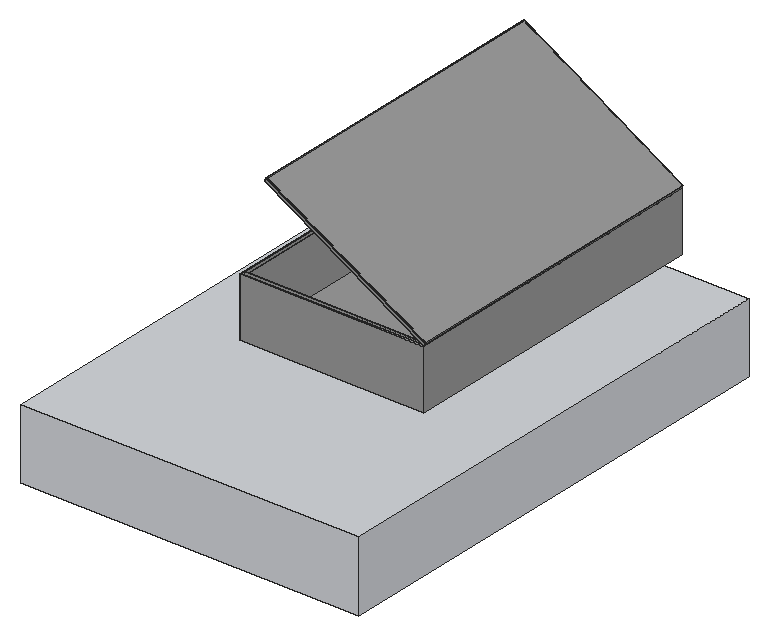
Revit family "Hager-Univers-IP55-D275-H1400-Cl.II-Steel_encl-DE-de", category Equipement électrique, Revit 2020
Family settings
  Hôte = Face
  Configuration du panneau = Deux colonnes, circuits au sein
  Cote de connecteur circulaire = Utiliser le diamètre
  Type d'élément = Tableau de raccordement
  Couper avec des vides une fois chargée = Non
  Partagée = Non
  Point de calcul de pièce = Non
Parameters (values of type "Aufputz IP55 B800 H1400 T275  - FR93S")
  Width Control [instance] = if([EF000008 - Breite] > Min Width, [EF000008 - Breite], Min Width)  # 800 mm
  Commentaires du type = [HG000003 - Bereich]  # "Univers"
  Thickness Door [instance] = if([EF009171 - Materialstärke Tür/Deckel] > 3 mm, 3 mm, [EF009171 - Materialstärke Tür/Deckel])  # 1.5 mm
  Seal Frame Offset [instance] = 17 mm  # constant formula
  Plinth Visibility [instance] = [HG000027 - Sockelhöhe] > 0 mm  # no
  Model = ""
  Min Width [instance] = 100 mm  # constant formula
  Min Height [instance] = 100 mm  # constant formula
  Min Depth [instance] = (2 * [EF009170 - Materialstärke Gehäuse]) + 1 mm  # 4 mm
  Internal Frame Depth [instance] = (Door System Depth * 0.5)  # 9 mm
  Height Control [instance] = if([EF000040 - Höhe] > Min Height, [EF000040 - Höhe], Min Height)  # 1400 mm
  HG000027 - Sockelhöhe = 0 mm
  HG000026 - Stehend auf dem Boden = no
  HG000024 - Höhe des unteren Teils = 800 mm
  HG000023 - Gehäuse mit doppeltem Querschnitt = no
  HG000016 - 3D-Türsichtbarkeit [instance] = yes
  HG000015 - Sichtbarkeit der Türöffnung [instance] = no
  HG000014 - Tür rechts [instance] = yes
  HG000013 - Tür links [instance] = not([HG000014 - Tür rechts])  # no
  HG000012 - Türschwenkwinkel [instance] = 30.00°
  HG000010 - Asymmetrische Türen = no
  HG000009 - Doppelflügeligen Tür = no
  HG000006 - Unterputz = no
  HG000004 - Herstellerreferenz = "FR93S"
  HG000003 - Bereich = "Univers"
  HG000002 - Mit tür = yes
  Frame Offset Bottom [instance] = 10 mm  # constant formula
  Frame Offset [instance] = 15 mm  # constant formula
  EF015940 - Deckel mit Überdruckentlastung = no
  EF011959 - Schutzart (NEMA) = ""
  EF009554 - Anzahl der Öffnungen für Flanschplatten = 6
  Fabricant = "Hager"  # constant formula
  EF009212 - Ausführung Deckel = "EV000116 - geschlossen"
  EF009171 - Materialstärke Tür/Deckel = 1.5 mm
  EF009170 - Materialstärke Gehäuse = 1.5 mm
  EF008873 - Nennstrom (In) = 800 A
  EF007800 - Geeignet für Blitzschutz = no
  EF006306 - Mit Schloss = no
  EF006244 - Transparenter Deckel/Tür = no
  EF005474 - Schutzart (IP) = "EV006420 - IP55"
  EF004464 - Art der Tür = "EV002646 - Einzel"
  EF004427 - Anzahl der Module = 324
  EF004293 - Schlagfestigkeit = "EV008784 - IK10"
  EF003532 - Geeignet für Außengebrauch = no
  EF002950 - Breite in Teilungseinheiten = 24
  EF001613 - Funktionserhalt = "EV000494 - ohne"
  EF001596 - Werkstoff des Gehäuses = "EV000179 - Stahl"
  EF001131 - Innentiefe = 275 mm
  EF001088 - Anbaumöglichkeit = yes
  EF000437 - Anzahl der Leitungseinführungen = 6
  EF000339 - Art der Abdeckung = "EV004216 - Tür"
  EF000266 - Anzahl der Reihen = 9
  EF000218 - Einbautiefe = 0 mm
  EF000118 - Mit Montageplatte = no
  EF000116 - RAL-Nummer = "7035"
  EF000049 - Tiefe = 275 mm
  EF000040 - Höhe = 1400 mm
  EF000008 - Breite = 800 mm
  EF000007 - Farbe = "EV000270 - grau"
  EF000003 - Montageart = "EV000384 - Aufputz"
  Door System Leaf Tolerance [instance] = 1.5 mm  # constant formula
  Door System Depth [instance] = 18 mm  # constant formula
  Door Height [instance] = Height Control - [HG000027 - Sockelhöhe]  # 1400 mm
  Depth Control [instance] = if([EF000049 - Tiefe] > Min Depth, [EF000049 - Tiefe], Min Depth)  # 275 mm
  Default Elevation = 0 mm
  Connector Offset [instance] = Height Control / 2  # 700 mm
  Bottom Top Plate Trim [instance] = 1.5 mm  # constant formula
  Plinth height Ctrl [instance] = if([HG000027 - Sockelhöhe] > 0 mm, [HG000027 - Sockelhöhe], 12 mm)  # 12 mm
Types (5, lengths in mm): name | Width Control | HG000010 - Asymmetrische Türen | HG000009 - Doppelflügeligen Tür | HG000004 - Herstellerreferenz | EF009554 - Anzahl der Öffnungen für Flanschplatten | EF004464 - Art der Tür | EF004427 - Anzahl der Module | EF000437 - Anzahl der Leitungseinführungen | EF000008 - Breite
  Aufputz IP55 B1050 H1400 T275  - FR94S | 1050 | no | yes | "FR94S" | 8 | "EV003602 - Doppel" | 432 | 8 | 1050
  Aufputz IP55 B1300 H1400 T275  - FR95S | 1300 | yes | yes | "FR95S" | 10 | "EV003602 - Doppel" | 540 | 10 | 1300
  Aufputz IP55 B300 H1400 T275  - FR91S | 300 | no | no | "FR91S" | 2 | "EV002646 - Einzel" | 108 | 2 | 300
  Aufputz IP55 B550 H1400 T275  - FR92S | 550 | no | no | "FR92S" | 4 | "EV002646 - Einzel" | 216 | 4 | 550
  Aufputz IP55 B800 H1400 T275  - FR93S | 800 | no | no | "FR93S" | 6 | "EV002646 - Einzel" | 324 | 6 | 800
Reference planes
  plane 1 "Center (Front/Back)": y = 0
  plane 2: z = 0
  plane 3 "Center (Left/Right)": x = 0
  plane 4: z = 275
  plane 5: y = 1.5
  plane 6: y = 700
  plane 7: y = 0
  plane 8: y = 1400
  plane 9: z = 0
  plane 10: x = -385
  plane 11: x = 385
  plane 12: x = 383.5
  plane 13: x = -383.5
  plane 14: y = 1398.5
  plane 15: x = -383
  plane 16: x = -400
  plane 17: x = 383
  plane 18: x = 400
  plane 19: x = 398.5
  plane 20: x = -398.5
  plane 21: y = 11.5
  plane 22: y = 1400
  plane 23: y = 1383.5
  plane 24: z = 257
  plane 25: z = 1.5
  plane 26: z = 255.5
  plane 27: z = 273.5
Forms (mm)
  Extrusion 1, solid
    sketch origin (0, 0, 0) x (1, 0, 0) y (0, 1, 0)
      loop
        line (-702.964, 1305) -> (-702.964, -811.445) -> (766.763, -811.445) -> (766.763, 1305) -> (-702.964, 1305)
    from 0 to -304.8
  Extrusion 2, solid, material "Hager_Steel_RAL7035_Light_Grey", visible <- "Plinth Visibility", detail levels medium+fine
    sketch origin (0, 0, 0) x (1, 0, 0) y (0, 1, 0)
      loop
        line (-400, 0) -> (400, 0) -> (400, 12) -> (-400, 12) -> (-400, 0)
    from 0 to 257
  Extrusion 3, solid, material "Hager_Steel_RAL7035_Light_Grey", detail levels medium+fine
    sketch origin (0, 0, 0) x (1, 0, 0) y (0, 1, 0)
      loop
        line (-400, 0) -> (400, 0) -> (400, 1400) -> (-400, 1400) -> (-400, 0)
    from 0 to 257
  Extrusion 4, void
    sketch origin (0, 0, 0) x (1, 0, 0) y (0, 1, 0)
      loop
        line (-398.5, 1.5) -> (398.5, 1.5) -> (398.5, 1398.5) -> (-398.5, 1398.5) -> (-398.5, 1.5)
    from 1.5 to 255.5
  Extrusion 5, void
    sketch origin (-381.607, -4572, 257) x (0, -1, 0) y (-1, 0, 0)
      loop
        line (-4583.5, 1.893) -> (-5955.5, 1.893) -> (-5955.5, -765.107) -> (-4583.5, -765.107) -> (-4583.5, 1.893)
    from 0 to 1.5 <- "EF009170 - Materialstärke Gehäuse"
  Extrusion 6, solid, material "Hager_Steel_RAL7035_Light_Grey", detail levels fine
    sketch origin (0, 0, 257) x (1, 0, 0) y (0, 1, 0)
      loop
        line (-383.5, 1383.5) -> (-383.5, 11.5) -> (383.5, 11.5) -> (383.5, 1383.5) -> (-383.5, 1383.5)
      loop
        line (-385, 10) -> (385, 10) -> (385, 1385) -> (-385, 1385) -> (-385, 10)
    from 0 to 9 <- "Internal Frame Depth"
  Extrusion 7, solid, material "Hager_Steel_RAL7035_Light_Grey", detail levels coarse
    sketch origin (0, 0, 0) x (1, 0, 0) y (0, 1, 0)
      loop
        line (-400, 0) -> (400, 0) -> (400, 1400) -> (-400, 1400) -> (-400, 0)
    from 0 to 275
  Sweep 8, void
    path in 3D
      loop
        line (-400, 12, 0) -> (400, 12, 0) -> (400, 12, 257) -> (-400, 12, 257) -> (-400, 12, 0)
    profile origin (-400, 12, 128.5) x (-1, 0, 0) y (0, -1, 0)
      loop
        line (0, 0) -> (0, 1.5) -> (-1.5, 1.5)
        arc (-1.5, 1.5) -> (-1.061, 0.439) -> (0, 0) r 1.5
Cuts and joins
  Extrusion 4, Extrusion 5 cuts Extrusion 3
  Sweep 8 cuts Extrusion 2
Lines and regions (mm)
  Masking region 1
    outline origin (0, 0, 0) x (1, 0, 0) y (0, 0, 1)
      loop
        line (-400, 275) -> (-400, 0) -> (400, 0) -> (400, 275) -> (-400, 275)
  Masking region 2, detail levels medium+fine
    outline origin (0, 140, 0) x (0, 1, 0) y (0, 0, 1)
      loop
        line (-140, 0) -> (1260, 0) -> (1260, 257) -> (-140, 257) -> (-140, 0)
  Masking region 3, not visible, detail levels medium+fine
    outline origin (0, 297.922, 0) x (0, 1, 0) y (0, 0, 1)
      loop
        line (413.578, 0) -> (453.578, 0) -> (453.578, 263.5)
        arc (453.578, 263.5) -> (450.649, 270.571) -> (443.578, 273.5) r 10
        line (443.578, 273.5) -> (413.578, 273.5) -> (413.578, 0)
  Masking region 4, detail levels coarse
    outline origin (0, 0, 180) x (0, 1, 0) y (0, 0, 1)
      loop
        line (0, -180) -> (1400, -180) -> (1400, 95) -> (0, 95) -> (0, -180)
  Masking region 5, visible <- "Plinth Visibility", detail levels medium+fine
    outline origin (0, 52.24, 12.345) x (0, 0, -1) y (0, 1, 0)
      loop
        line (10.845, -40.24) -> (-243.155, -40.24)
        arc (-243.155, -40.24) -> (-243.594, -41.301) -> (-244.655, -41.74) r 1.5
        line (-244.655, -41.74) -> (-244.655, -52.24) -> (12.345, -52.24) -> (12.345, -41.74)
        arc (12.345, -41.74) -> (11.285, -41.301) -> (10.845, -40.24) r 1.5
  Masking region 6, detail levels medium+fine
    outline origin (-381.607, -4572, 257) x (-1, 0, 0) y (0, -1, 0)
      loop
        line (18.393, -5972) -> (18.393, -4572) -> (-781.607, -4572) -> (-781.607, -5972) -> (18.393, -5972)
  Masking region 7, visible <- "Plinth Visibility", detail levels medium+fine
    outline origin (-381.607, -4727, 257) x (-1, 0, 0) y (0, -1, 0)
      loop
        arc (16.893, -4739) -> (17.332, -4737.939) -> (18.393, -4737.5) r 1.5
        line (18.393, -4737.5) -> (18.393, -4727) -> (-781.607, -4727) -> (-781.607, -4737.5)
        arc (-781.607, -4737.5) -> (-780.546, -4737.939) -> (-780.107, -4739) r 1.5
        line (-780.107, -4739) -> (16.893, -4739)
  Masking region 8, detail levels coarse
    outline origin (-442.548, -4669.526, 257) x (-1, 0, 0) y (0, -1, 0)
      loop
        line (-42.548, -6069.526) -> (-42.548, -4669.526) -> (-842.548, -4669.526) -> (-842.548, -6069.526) -> (-42.548, -6069.526)
  sketch lines
    curve 1: line (-400, 12, 257) -> (-400, 12, 0)
    curve 2: line (400, 12, 257) -> (-400, 12, 257)
    curve 3: line (400, 12, 257) -> (400, 12, 0)
    curve 4: line (-400, 12, 0) -> (400, 12, 0)
Dimensions and locks
  "Depth Control": plane 4 to Extrusion 1
  "HG000027 - Sockelhöhe": plane 1 "Center (Front/Back)" to plane 7
  "EF009170 - Materialstärke Gehäuse": plane 5 to plane 7
  locked: connector elem to plane 3 "Center (Left/Right)"
  equal spacing: plane 8, plane 6, plane 7
  locked: connector elem to plane 6
  "EF009170 - Materialstärke Gehäuse": plane 8 to plane 14
  "EF009170 - Materialstärke Gehäuse": plane 10 to plane 13
  "EF009170 - Materialstärke Gehäuse": plane 12 to plane 11
  "Frame Offset": plane 20 to plane 13
  "Frame Offset": plane 12 to plane 19
  "EF009170 - Materialstärke Gehäuse": plane 16 to plane 20
  "EF009170 - Materialstärke Gehäuse": plane 19 to plane 18
  "Seal Frame Offset": plane 16 to plane 15
  "Seal Frame Offset": plane 17 to plane 18
  "Frame Offset Bottom": plane 21 to plane 5
  "Frame Offset": plane 14 to plane 23
  equal spacing: plane 16, plane 3 "Center (Left/Right)", plane 18
  "Width Control": plane 16 to plane 18
  "EF009170 - Materialstärke Gehäuse": plane 4 to plane 27
  "EF009170 - Materialstärke Gehäuse": plane 24 to plane 26
  "EF009170 - Materialstärke Gehäuse": plane 25 to level
  "Door System Depth": plane 4 to plane 24
  "Height Control": plane 1 "Center (Front/Back)" to Extrusion 7 sketch curve
  "Height Control": Masking region 4 sketch curve to plane 1 "Center (Front/Back)"
  "Height Control": plane 1 "Center (Front/Back)" to plane 22
  "Bottom Top Plate Trim": profile plane to Sweep 8 sketch curve
  "Bottom Top Plate Trim": Sweep 8 sketch curve to profile plane
  "Plinth height Ctrl": plane 1 "Center (Front/Back)" to Extrusion 2 sketch curve
  "Plinth height Ctrl": Masking region 5 sketch curve to plane 1 "Center (Front/Back)"
  "Plinth height Ctrl": plane 1 "Center (Front/Back)" to Masking region 7 sketch curve
  "Thickness Door": Extrusion 6 sketch curve to Extrusion 6 sketch curve  (x3)
  "Thickness Door": cut or joined group of Extrusion 3, Extrusion 4, Extrusion 5 to Extrusion 6 sketch curve
  radius of Masking region 3 sketch curve = 10 mm
  "Bottom Top Plate Trim": radius of Masking region 5 sketch curve  (x2)
  "Bottom Top Plate Trim": radius of Sweep 8 sketch curve
  "Bottom Top Plate Trim": radius of Masking region 7 sketch curve  (x2)
  aligned and locked: plane 2 to Extrusion 1
  aligned and locked: level to Extrusion 1
  aligned and locked: level to Masking region 1 sketch curve
  aligned and locked: Masking region 1 sketch curve to plane 18
  aligned and locked: Masking region 1 sketch curve to plane 16
  aligned and locked: plane 7 to Masking region 2 sketch curve
  aligned and locked: level to Masking region 3 sketch curve
  aligned and locked: Masking region 3 sketch curve to plane 27
  aligned and locked: level to Masking region 2 sketch curve
  aligned and locked: plane 1 "Center (Front/Back)" to Extrusion 2 sketch curve
  aligned and locked: Extrusion 3 sketch curve to plane 7
  aligned and locked: plane 16 to Extrusion 3 sketch curve
  aligned and locked: plane 18 to Extrusion 3 sketch curve
  aligned and locked: plane 20 to Extrusion 4 sketch curve
  aligned and locked: plane 19 to Extrusion 4 sketch curve
  aligned and locked: Extrusion 4 sketch curve to plane 5
  aligned and locked: Extrusion 4 to plane 25
  aligned and locked: plane 26 to Extrusion 4
  aligned and locked: plane 24 to Extrusion 3
  aligned and locked: Extrusion 5 sketch curve to plane 21
  aligned and locked: Extrusion 5 sketch curve to plane 13
  aligned and locked: Extrusion 5 sketch curve to plane 12
  aligned and locked: plane 18 to Extrusion 7 sketch curve
  aligned and locked: plane 1 "Center (Front/Back)" to Extrusion 7 sketch curve
  aligned and locked: plane 16 to Extrusion 7 sketch curve
  aligned and locked: plane 4 to Extrusion 7
  aligned and locked: Extrusion 7 to level
  aligned and locked: level to Masking region 4 sketch curve
  aligned and locked: Masking region 4 sketch curve to plane 1 "Center (Front/Back)"
  aligned and locked: Masking region 4 sketch curve to plane 4
  aligned and locked: nested 1 to level
  aligned and locked: nested 1 to plane 16
  aligned and locked: plane 8 to Extrusion 3 sketch curve
  aligned and locked: plane 23 to Extrusion 5 sketch curve
  aligned and locked: plane 14 to Extrusion 4 sketch curve
  aligned and locked: Masking region 2 sketch curve to plane 8
  aligned and locked: level to Masking region 5 sketch curve
  aligned and locked: plane 16 to Extrusion 2 sketch curve
  aligned and locked: plane 18 to Extrusion 2 sketch curve
  aligned and locked: Masking region 5 sketch curve to plane 24
  aligned and locked: Masking region 2 sketch curve to plane 24
  aligned and locked: plane 24 to Extrusion 2
  aligned and locked: profile plane to Sweep 8 sketch curve  (x2)
  aligned and locked: Masking region 6 sketch curve to plane 18
  aligned and locked: Masking region 6 sketch curve to plane 22
  aligned and locked: Masking region 6 sketch curve to plane 16
  aligned and locked: plane 8 to plane 22
  aligned and locked: Masking region 6 sketch curve to plane 7
  aligned and locked: Masking region 7 sketch curve to plane 16
  aligned and locked: Masking region 7 sketch curve to plane 1 "Center (Front/Back)"
  aligned and locked: Masking region 7 sketch curve to plane 18
  aligned and locked: Masking region 8 sketch curve to plane 1 "Center (Front/Back)"
  aligned and locked: Masking region 8 sketch curve to plane 18
  aligned and locked: Masking region 8 sketch curve to plane 22
  aligned and locked: Masking region 8 sketch curve to plane 16
  aligned and locked: nested 2 to plane 7
  aligned and locked: plane 3 "Center (Left/Right)" to nested 2
  aligned and locked: nested 2 to plane 24
  aligned and locked: Extrusion 6 sketch curve to cut or joined group of Extrusion 3, Extrusion 4, Extrusion 5  (x4)
Automatic sketch dimensions
  Extrusion 1 sketch curve to Extrusion 1 sketch curve = 1469.727 mm
  Extrusion 1 sketch curve to Extrusion 1 sketch curve = 2116.445 mm
  Masking region 1 sketch curve to plane 4 = 0 mm
  plane 6 to Masking region 3 sketch curve = 11.5 mm
  Masking region 3 sketch curve to Masking region 3 sketch curve = 30 mm
  Masking region 5 sketch curve to plane 1 "Center (Front/Back)" = 0 mm
Nested families
  nested 1: "Hager_Enclosure_Symbol" at (-400, 0, 0) x (1, 0, 0) z (0, -1, 0), Height <- "Depth Control", Width <- "Width Control", type "Hager_Enclosure_Symbol"
    with Width_Ctrl 800 mm, Width 800 mm, Height_Ctrl 275 mm, Height 275 mm, A_Width_Int 18.047 mm, A_Width 216.562 mm, A_Height_Ctrl 240.625 mm, A_Height 240.625 mm
  nested 2: "EC000058_Univers_Door" at (0, 0, 257) x (1, 0, 0) z (0, 1, 0), Leaf_Tolerance <- "Door System Leaf Tolerance", Angle <- "HG000012 - Türschwenkwinkel", Door_Depth <- "Door System Depth", Door_Left <- "HG000013 - Tür links", Transparent <- "EF006244 - Transparenter Deckel/Tür", Assymetrical <- "HG000010 - Asymmetrische Türen", Width <- "Width Control", Clearance <- "HG000015 - Sichtbarkeit der Türöffnung", Double <- "HG000009 - Doppelflügeligen Tür", 3d_Door <- "HG000016 - 3D-Türsichtbarkeit", Lock_Visibility <- "EF006306 - Mit Schloss", Width_Ctrl <- "Width Control", Door_Right <- "HG000014 - Tür rechts", Door <- "HG000002 - Mit tür", Height <- "Door Height", Thickness <- "Thickness Door", type "EC000058_Univers_Door", detail levels medium+fine
    with min_wh 4 mm, Width_Ctrl 800 mm, Width 800 mm, Transparent no, Thickness 1.5 mm, Seal_Material Hager_Rubber, Lock_Visibility no, Lock_Material Hager_Plastic_RAL9005_Jet_Black, Leaf_Width 800 mm, Leaf_Tolerance_External_Sides 0 mm, Leaf_Tolerance 1.5 mm, Leaf_Offset 0 mm, Leaf_Height 1397 mm, Leaf_2_Width 800 mm, Leaf_2_Offset 400 mm, Leaf_1_Width 800 mm, Leaf_1_Offset 400 mm, Height_Ctrl 1400 mm, Height 1400 mm, Glass_Material Hager_Glass, Double_Clearance_Ctrl no, Double no, Door_Right_Ctrl yes, Door_Right yes, Door_Material Hager_Steel_RAL7035_Light_Grey, Door_Left_Ctrl no, Door_Left no, Door_Depth 18 mm, Door yes, Clearance_Material Hager_Clearance, Clearance_Depth 800 mm, Clearance_Ctrl no, Clearance no, Assymetrical no, Angle 30.00°, 3d_Door yes
Connectors
  electrical at (0, 700, 0)
    settings: on plane 9, index 1, voltage 0 V, apparent load 0 VA, apparent load phase1 0 VA, apparent load phase2 0 VA, apparent load phase3 0 VA, power factor 1, load classification "Other", number of poles 1, system type 30, power factor state 1, is connector primary yes, connector utility no, sub classification motor no, connector description ""
Definition of nested family "EC000058_Univers_Door"
  Parameters (values of type "EC000058_Univers_Door")
    min_wh [instance] = (2 * Thickness) + 1 mm  # 11 mm
    Width_Ctrl [instance] = 400 mm
    Width [instance] = 500 mm
    Transparent [instance] = yes
    Thickness [instance] = 5 mm
    Seal_Material [instance] = none
    Lock_Visibility [instance] = yes
    Lock_Material [instance] = none
    Leaf_Width [instance] = if((Width_Ctrl - 2 * Leaf_Tolerance_External_Sides) > 0 mm, (Width_Ctrl - 2 * Leaf_Tolerance_External_Sides), min_wh)  # 400 mm
    Leaf_Tolerance_External_Sides [instance] = 0 mm  # constant formula
    Leaf_Tolerance [instance] = 1.5 mm
    Leaf_Offset [instance] = 0 mm  # constant formula
    Leaf_Height [instance] = if((Height_Ctrl - 2 * Leaf_Tolerance) > 0 mm, (Height_Ctrl - 2 * Leaf_Tolerance), min_wh)  # 497 mm
    Leaf_2_Width [instance] = if(and(and(Double, Assymetrical), Door_Left), (Leaf_Width / 3) - (Leaf_Tolerance / 2), if(and(and(Double, Assymetrical), Door_Right), (Leaf_Width / 3) * 2 - (Leaf_Tolerance / 2), if(and(Double, not(Assymetrical)), (Leaf_Width / 2) - Leaf_Tolerance, Leaf_Width)))  # 400 mm
    Leaf_2_Offset [instance] = if(and(Double, Assymetrical), Leaf_2_Width / 2, if(and(Double, not(Assymetrical)), Leaf_Width / 4, Leaf_Width / 2))  # 200 mm
    Leaf_1_Width [instance] = if(and(and(Double, Assymetrical), Door_Right), (Leaf_Width / 3) - (Leaf_Tolerance / 2), if(and(and(Double, Assymetrical), Door_Left), (Width / 3) * 2 - (Leaf_Tolerance / 2), if(and(Double, not(Assymetrical)), (Leaf_Width / 2) - Leaf_Tolerance, Leaf_Width)))  # 400 mm
    Leaf_1_Offset [instance] = if(and(Double, Assymetrical), Leaf_1_Width / 2, if(and(Double, not(Assymetrical)), Leaf_Width / 4, Leaf_Width / 2))  # 200 mm
    Height_Ctrl [instance] = if(Height > min_wh, Height, min_wh)  # 500 mm
    Height [instance] = 500 mm
    Glass_Material [instance] = none
    Double_Clearance_Ctrl [instance] = and(Double, Clearance)  # no
    Double [instance] = no
    Door_Right_Ctrl [instance] = and(or(Door_Right, Double), Door)  # yes
    Door_Right [instance] = yes
    Door_Material [instance] = none
    Door_Left_Ctrl [instance] = and(or(Door_Left, Double), Door)  # no
    Door_Left [instance] = no
    Door_Depth [instance] = 30 mm
    Door [instance] = yes
    Default Elevation = 1219.2 mm
    Clearance_Material [instance] = none
    Clearance_Depth [instance] = if(Leaf_1_Width > Leaf_2_Width, Leaf_1_Width, Leaf_2_Width)  # 400 mm
    Clearance_Ctrl [instance] = and(not(Double), Clearance)  # yes
    Clearance [instance] = yes
    Assymetrical [instance] = yes
    Angle [instance] = 30.00°
    3d_Door [instance] = yes
  Reference planes
    plane 1 "Center (Front/Back)": y = 0
    plane 2 "Bottom": z = 0
    plane 3 "Center (Left/Right)": x = 0
    plane 4: z = 500
    plane 5: x = -200
    plane 6: x = 200
    plane 7: z = 500
    plane 8: x = -200
    plane 9: z = 0
    plane 10: x = 200
    plane 11: y = 0
    plane 12: z = 1.5
    plane 13: x = -600
    plane 14: y = -400
    plane 15: x = 600
    plane 16: x = 0
    plane 17: x = 0
    plane 18: x = -200
    plane 19: x = 200
    plane 20: z = 498.5
  Forms (mm)
    Extrusion 1, solid, material <- "Clearance_Material", visible <- "Double_Clearance_Ctrl"
      sketch origin (1200, 0, 0) x (1, 0, 0) y (0, 0, -1)
        loop
          line (-1800, -498.5) -> (-600, -498.5) -> (-600, 0) -> (-1800, 0) -> (-1800, -498.5)
      from 0 to -400
  Dimensions and locks
    equal spacing: plane 5, plane 3 "Center (Left/Right)", plane 6
    "Width_Ctrl": plane 5 to plane 6
    "Leaf_Offset": plane 5 to plane 8
    "Leaf_Offset": plane 6 to plane 10
    "Leaf_Offset": plane 9 to level
    "Leaf_Offset": plane 4 to plane 7
    "Height_Ctrl": plane 4 to level
    "Leaf_Tolerance": plane 12 to plane 9
    locked: plane 11 to plane 1 "Center (Front/Back)"
    "Leaf_1_Offset": plane 18 to plane 16
    "Leaf_2_Offset": plane 17 to plane 19
    "Leaf_1_Width": plane 13 to plane 8
    "Leaf_2_Width": plane 10 to plane 15
    "Clearance_Depth": plane 14 to plane 1 "Center (Front/Back)"
    "Leaf_Tolerance_External_Sides": plane 8 to plane 18
    "Leaf_Tolerance_External_Sides": plane 19 to plane 10
    "Leaf_Tolerance": plane 7 to plane 20
    aligned and locked: level to plane 2 "Bottom"
    aligned and locked: nested 1 to plane 16
    aligned and locked: nested 2 to plane 17
    aligned and locked: Extrusion 1 to plane 13
    aligned and locked: plane 15 to Extrusion 1
    aligned and locked: Extrusion 1 to plane 14
    aligned and locked: plane 12 to nested 1
    aligned and locked: nested 2 to plane 12
    aligned and locked: Extrusion 1 to plane 11
    aligned and locked: plane 20 to Extrusion 1
    aligned and locked: nested 2 to plane 11
    aligned and locked: nested 1 to plane 11
  Automatic sketch dimensions
    Extrusion 1 sketch curve to level = 0 mm
    plane 5 to Extrusion 1 sketch curve = 400 mm
    plane 6 to Extrusion 1 sketch curve = 400 mm
    Extrusion 1 sketch curve to plane 4 = 1.5 mm
  Nested families
    nested 1: "EC000058_Univers_Door_Leaf" at (0, 0, 1.5), Width <- "Leaf_1_Width", visible <- "Door_Left_Ctrl", Leaf_Height <- "Leaf_Height", Angle <- "Angle", 3d_Door <- "3d_Door", Transparent <- "Transparent", Clearance Material <- "Clearance_Material", Clearance <- "Clearance_Ctrl", Door_Material <- "Door_Material", Glass_Material <- "Glass_Material", Door_Depth <- "Door_Depth", Lock_Material <- "Lock_Material", Seal_Material <- "Seal_Material", Lock_Visibility <- "Lock_Visibility", Thickness <- "Thickness", type "EC000058_Univers_Door_Leaf"
      with Width 400 mm, Transparent_Glass_Offset 30 mm, Transparent_Ctrl yes, Transparent yes, Thickness 5 mm, Standard no, Seal_Material none, Seal_D2 8 mm, Seal_D1 1 mm, Offset_Internal_Frame 10 mm, Lock_Width 20 mm, Lock_Visibility_3d yes, Lock_Visibility yes, Lock_Thickness_3 3 mm, Lock_Thickness_2 1 mm, Lock_Thickness_1 3 mm, Lock_Radius_Offset_2 16 mm, Lock_Radius_Offset_1 15 mm, Lock_Radius_2 5 mm, Lock_Radius 6 mm, Lock_Offset 5 mm, Lock_Material none, Lock_Height 80 mm, Lock_Cover_Top_Offset_2d 17 mm, Lock_Cover_Height -65 mm, Leaf_Height 497 mm, Internal_Seal_Thickness 8 mm, Internal_Seal_Depth_2 4.5 mm, Internal_Frame_Depth 25 mm, Glass_Thickness -1 mm, Glass_Offset -2 mm, Glass_Material none, Door_Material none, Door_Depth 30 mm, Clearance Material none, Clearance yes, Angle_Ctrl 30.00°, Angle 30.00°, 3d_Door yes
    nested 2: "EC000058_Univers_Door_Leaf" at (0, 0, 1.5) x (-1, 0, 0) z (0, 0, 1), Width <- "Leaf_2_Width", visible <- "Door_Right_Ctrl", Leaf_Height <- "Leaf_Height", Angle <- "Angle", 3d_Door <- "3d_Door", Transparent <- "Transparent", Clearance Material <- "Clearance_Material", Clearance <- "Clearance_Ctrl", Door_Material <- "Door_Material", Glass_Material <- "Glass_Material", Door_Depth <- "Door_Depth", Lock_Material <- "Lock_Material", Seal_Material <- "Seal_Material", Lock_Visibility <- "Lock_Visibility", Thickness <- "Thickness", type "EC000058_Univers_Door_Leaf"
      with Width 400 mm, Transparent_Glass_Offset 30 mm, Transparent_Ctrl yes, Transparent yes, Thickness 5 mm, Standard no, Seal_Material none, Seal_D2 8 mm, Seal_D1 1 mm, Offset_Internal_Frame 10 mm, Lock_Width 20 mm, Lock_Visibility_3d yes, Lock_Visibility yes, Lock_Thickness_3 3 mm, Lock_Thickness_2 1 mm, Lock_Thickness_1 3 mm, Lock_Radius_Offset_2 16 mm, Lock_Radius_Offset_1 15 mm, Lock_Radius_2 5 mm, Lock_Radius 6 mm, Lock_Offset 5 mm, Lock_Material none, Lock_Height 80 mm, Lock_Cover_Top_Offset_2d 17 mm, Lock_Cover_Height -65 mm, Leaf_Height 497 mm, Internal_Seal_Thickness 8 mm, Internal_Seal_Depth_2 4.5 mm, Internal_Frame_Depth 25 mm, Glass_Thickness -1 mm, Glass_Offset -2 mm, Glass_Material none, Door_Material none, Door_Depth 30 mm, Clearance Material none, Clearance yes, Angle_Ctrl 30.00°, Angle 30.00°, 3d_Door yes
  Definition of nested family "EC000058_Univers_Door_Leaf"
    Parameters (values of type "EC000058_Univers_Door_Leaf")
      Width [instance] = 2000 mm
      Transparent_Glass_Offset [instance] = 30 mm
      Transparent_Ctrl [instance] = and(Transparent, [3d_Door])  # yes
      Transparent [instance] = yes
      Thickness [instance] = 5 mm
      Standard [instance] = and(not(Transparent), [3d_Door])  # no
      Seal_Material [instance] = none
      Seal_D2 [instance] = 8 mm  # constant formula
      Seal_D1 [instance] = 1 mm  # constant formula
      Offset_Internal_Frame [instance] = 10 mm  # constant formula
      Lock_Width [instance] = 20 mm  # constant formula
      Lock_Visibility_3d [instance] = and(Lock_Visibility, [3d_Door])  # yes
      Lock_Visibility [instance] = yes
      Lock_Thickness_3 [instance] = 3 mm  # constant formula
      Lock_Thickness_2 [instance] = 1 mm  # constant formula
      Lock_Thickness_1 [instance] = 3 mm  # constant formula
      Lock_Radius_Offset_2 [instance] = Lock_Radius_Offset_1 + 1 mm  # 16 mm
      Lock_Radius_Offset_1 [instance] = 15 mm  # constant formula
      Lock_Radius_2 [instance] = Lock_Radius - 1 mm  # 5 mm
      Lock_Radius [instance] = 6 mm  # constant formula
      Lock_Offset [instance] = 5 mm  # constant formula
      Lock_Material [instance] = none
      Lock_Height [instance] = 80 mm  # constant formula
      Lock_Cover_Top_Offset_2d [instance] = Lock_Radius_Offset_2 + 1 mm  # 17 mm
      Lock_Cover_Height [instance] = -(Lock_Height - Lock_Radius_Offset_1)  # -65 mm
      Leaf_Height [instance] = 2720.336 mm
      Internal_Seal_Thickness [instance] = 8 mm  # constant formula
      Internal_Seal_Depth_2 [instance] = 4.5 mm  # constant formula
      Internal_Frame_Depth [instance] = if(Door_Depth - Thickness > 5 mm, Door_Depth - Thickness, 5 mm)  # 25 mm
      Glass_Thickness [instance] = if(Thickness > 15 mm, Glass_Offset + 10 mm, -1 mm)  # -1 mm
      Glass_Offset [instance] = if(Thickness > 15 mm, -(Thickness + 10 mm) / 2, -2 mm)  # -2 mm
      Glass_Material [instance] = none
      Door_Material [instance] = none
      Door_Depth [instance] = 30 mm
      Default Elevation = 0 mm
      Clearance Material [instance] = none
      Clearance [instance] = yes
      Angle_Ctrl [instance] = if(Angle > 180.00°, 180.00°, Angle)  # 90.00°
      Angle [instance] = 90.00°
      3d_Door [instance] = yes
    Reference planes
      plane 1 "Center (Front/Back)": y = 0
      plane 2: z = 0
      plane 3 "Center (Left/Right)": x = 0
      plane 4: y = 2000
      plane 5: x = -1000
      plane 6: x = 1000
      plane 7: x = -3000
      plane 8: z = 2720.336
      plane 9: z = 30
      plane 10: z = 2690.336
      plane 11: x = 970
      plane 12: x = -970
      plane 13: y = -3
      plane 14: z = 107.833
      plane 15: y = -5
      plane 16: y = -223.314
      plane 17: x = -1000
      plane 18: z = 1360.168
      plane 19: y = 30
    Forms (mm)
      Extrusion 1, solid, material <- "Clearance Material", visible <- "Clearance"
        sketch origin (0, 0, 0) x (1, 0, 0) y (0, 0, 1)
          loop
            line (-3000, 2720.336) -> (-3000, 0) -> (1000, 0) -> (1000, 2720.336) -> (-3000, 2720.336)
        from 0 to -2000
      Extrusion 2, solid, material <- "Door_Material", visible <- "Standard", detail levels medium+fine
        sketch origin (-1000, 0, 0) x (0, 1, 0) y (-1, 0, 0)
          loop
            line (0, 30) -> (0, 25) -> (2000, 25) -> (2000, 30) -> (0, 30)
        from 0 to 2720.336 <- "Leaf_Height"
      Extrusion 3, solid, material <- "Door_Material", visible <- "Transparent_Ctrl", detail levels medium+fine
        sketch origin (-1000, 0, 0) x (0, 1, 0) y (-1, 0, 0)
          loop
            line (0, 25) -> (2000, 25) -> (2000, 30) -> (0, 30) -> (0, 25)
        from 0 to 2720.336 <- "Leaf_Height"
      Extrusion 4, void
        sketch origin (-1025, 2000, 0) x (0, 1, 0) y (0, 0, -1)
          loop
            line (-30, -2690.336) -> (-30, -30) -> (-1970, -30) -> (-1970, -2690.336) -> (-30, -2690.336)
        from 0 to 5 <- "Thickness"
      Sweep 5, solid, material <- "Seal_Material", visible <- "Transparent_Ctrl", detail levels fine
        path in 3D
          loop
            line (-1025, 30, 30) -> (-1025, 30, 2690.336) -> (-1025, 1970, 2690.336) -> (-1025, 1970, 30) -> (-1025, 30, 30)
        profile origin (-1025, 1000, 30) x (1, 0, 0) y (0, 0, 1)
          loop
            line (0, 0) -> (0, -8) -> (1, -8) -> (1, 0) -> (0, 0)
      Extrusion 6, solid, material <- "Glass_Material", visible <- "Transparent_Ctrl", detail levels medium+fine
        sketch origin (-1030, 0, 0) x (0, 1, 0) y (0, 0, -1)
          loop
            line (1970, -2690.336) -> (1970, -30) -> (30, -30) -> (30, -2690.336) -> (1970, -2690.336)
        from -2 <- "Glass_Offset" to -1 <- "Glass_Thickness"
      Extrusion 7, solid, material <- "Door_Material", visible <- "3d_Door", detail levels medium+fine
        sketch origin (-1025, 2000, 0) x (0, -1, 0) y (0, 0, -1)
          loop
            line (0, -2720.336) -> (2000, -2720.336) -> (2000, 0) -> (0, 0) -> (0, -2720.336)
          loop
            line (1995, -5) -> (5, -5) -> (5, -2715.336) -> (1995, -2715.336) -> (1995, -5)
        from 0 to 25 <- "Internal_Frame_Depth"
      Sweep 8, solid, material <- "Seal_Material", visible <- "Transparent_Ctrl", detail levels fine
        path in 3D
          loop
            line (-1025, 0, 0) -> (-1025, 2000, 0) -> (-1025, 2000, 2720.336) -> (-1025, 0, 2720.336) -> (-1025, 0, 0)
        profile origin (-1025, 0, 1360.168) x (1, 0, 0) y (0, 1, 0)
          loop
            line (0, 10) -> (2.975, 10)
            arc (2.975, 10) -> (4.053, 10.447) -> (4.5, 11.525) r 1.525
            line (4.5, 11.525) -> (4.5, 16.527)
            arc (4.5, 16.527) -> (4.069, 17.569) -> (3.027, 18) r 1.473
            line (3.027, 18) -> (0, 18) -> (0, 10)
      Extrusion 9, solid, material <- "Lock_Material", visible <- "Lock_Visibility_3d", detail levels fine
        sketch origin (-1030, 0, 0) x (0, 1, 0) y (0, 0, -1)
          loop
            arc (1993.5, -1400.168) -> (1994.561, -1399.729) -> (1995, -1398.668) r 1.5
            line (1995, -1398.668) -> (1995, -1320.168) -> (1975, -1320.168) -> (1975, -1398.668)
            arc (1975, -1398.668) -> (1975.439, -1399.729) -> (1976.5, -1400.168) r 1.5
            line (1976.5, -1400.168) -> (1993.5, -1400.168)
        from 3 <- "Lock_Thickness_1" to 0
      Blend 10, solid, material <- "Lock_Material", visible <- "Lock_Visibility_3d", detail levels fine
        base sketch origin (-1033, 0, 0) x (0, 1, 0) y (0, 0, -1)
          loop
            line (1975, -1320.168) -> (1975, -1398.668)
            arc (1975, -1398.668) -> (1975.439, -1399.729) -> (1976.5, -1400.168) r 1.5
            line (1976.5, -1400.168) -> (1993.5, -1400.168)
            arc (1993.5, -1400.168) -> (1994.561, -1399.729) -> (1995, -1398.668) r 1.5
            line (1995, -1398.668) -> (1995, -1320.168) -> (1975, -1320.168)
        top sketch origin (-1033, 0, 0) x (0, 1, 0) y (0, 0, -1)
          loop
            line (1976, -1320.168) -> (1976, -1398.668)
            arc (1976, -1398.668) -> (1976.146, -1399.022) -> (1976.5, -1399.168) r 0.5
            line (1976.5, -1399.168) -> (1993.5, -1399.168)
            arc (1993.5, -1399.168) -> (1993.854, -1399.022) -> (1994, -1398.668) r 0.5
            line (1994, -1398.668) -> (1994, -1320.168) -> (1976, -1320.168)
        from 0 to 1 <- "Lock_Thickness_2"
      Blend 11, solid, material <- "Lock_Material", visible <- "Lock_Visibility_3d", detail levels fine
        base sketch origin (-1034, 0, 0) x (0, 1, 0) y (0, 0, -1)
          loop
            line (1978, -1320.168) -> (1978, -1384.168)
            arc (1978, -1384.168) -> (1985, -1391.168) -> (1992, -1384.168) r 7
            line (1992, -1384.168) -> (1992, -1320.168) -> (1978, -1320.168)
        top sketch origin (-1034, 0, 0) x (0, 1, 0) y (0, 0, -1)
          loop
            line (1991, -1320.168) -> (1979, -1320.168) -> (1979, -1383.168)
            arc (1979, -1383.168) -> (1985, -1389.168) -> (1991, -1383.168) r 6
            line (1991, -1383.168) -> (1991, -1320.168)
        from 0 to 3 <- "Lock_Thickness_3"
      Extrusion 12, solid, material <- "Lock_Material", visible <- "Lock_Visibility_3d", detail levels fine
        sketch origin (-1030, 1975, 1320.168) x (1, 0, 0) y (0, -1, 0)
          loop
            line (-7, -19) -> (-7, -1) -> (0, -1) -> (0, 0) -> (-8, 0) -> (-8, -20) -> (0, -20) -> (0, -19) -> (-7, -19)
        from 0 to -65 <- "Lock_Cover_Height"
      Extrusion 13, void
        sketch origin (-1038, 1995, 1320.168) x (-1, 0, 0) y (0, 0, -1)
          loop
            line (-5, -65) -> (0, -65) -> (-5, -60) -> (-5, -65)
        from 0 to 20 <- "Lock_Width"
      Extrusion 14, void
        sketch origin (-1038, 1975, 1320.168) x (0, -1, 0) y (0, 0, -1)
          loop
            circle (-10, -15.995) r 6
          loop
            circle (-10, -15.995) r 5
        from 0 to 2
      Extrusion 15, solid, material <- "Lock_Material", visible <- "Lock_Visibility_3d", detail levels medium
        sketch origin (-1030, 0, 0) x (0, 1, 0) y (0, 0, -1)
          loop
            arc (1993.5, -1400.168) -> (1994.561, -1399.729) -> (1995, -1398.668) r 1.5
            line (1995, -1398.668) -> (1995, -1320.168) -> (1975, -1320.168) -> (1975, -1398.668)
            arc (1975, -1398.668) -> (1975.439, -1399.729) -> (1976.5, -1400.168) r 1.5
            line (1976.5, -1400.168) -> (1993.5, -1400.168)
        from 8 to 0
    Cuts and joins
      Extrusion 4 cuts Extrusion 3
      Extrusion 13, Extrusion 14 cuts Extrusion 9
      Extrusion 14 cuts Blend 11
      Extrusion 13, Extrusion 14 cuts Extrusion 12
      joined: Extrusion 9, Blend 10, Blend 11, Extrusion 12
      Extrusion 14 cuts Extrusion 15
    Lines and regions (mm)
      Masking region 1, visible <- "Lock_Visibility", detail levels fine
        outline origin (0, 0, 0) x (0, 1, 0) y (0, 0, 1)
          loop
            line (30, 1320.168) -> (33, 1320.168) -> (33, 1400.168) -> (30, 1400.168) -> (30, 1320.168)
      Masking region 2, visible <- "Lock_Visibility", detail levels fine
        outline origin (0, 3.143, 0) x (0, 1, 0) y (0, 0, 1)
          loop
            line (29.857, 1354.168) -> (30.857, 1354.168) -> (30.857, 1366.168) -> (29.857, 1366.168) -> (29.857, 1354.168)
      Masking region 3, detail levels medium+fine
        outline origin (0, 0, 0) x (0, 1, 0) y (0, 0, 1)
          loop
            line (0, 0) -> (30, 0) -> (30, 2720.336) -> (0, 2720.336) -> (0, 0)
      Masking region 4, detail levels medium+fine
        outline origin (0, 0, 0) x (1, 0, 0) y (0, 0, 1)
          loop
            line (-1000, 2720.336) -> (-1000, 0) -> (1000, 0) -> (1000, 2720.336) -> (-1000, 2720.336)
      Masking region 5, visible <- "Lock_Visibility", detail levels fine
        outline origin (-47.116, 0, 0) x (1, 0, 0) y (0, 0, 1)
          loop
            arc (1024.616, 1399.168) -> (1023.556, 1398.729) -> (1023.116, 1397.668) r 1.5
            line (1023.116, 1397.668) -> (1023.116, 1320.168) -> (1041.116, 1320.168) -> (1041.116, 1397.668)
            arc (1041.116, 1397.668) -> (1040.677, 1398.729) -> (1039.616, 1399.168) r 1.5
            line (1039.616, 1399.168) -> (1024.616, 1399.168)
      Masking region 6, visible <- "Lock_Visibility", detail levels medium+fine
        outline origin (-25, 0, 0) x (1, 0, 0) y (0, 0, 1)
          loop
            arc (1001.5, 1400.168) -> (1000.439, 1399.729) -> (1000, 1398.668) r 1.5
            line (1000, 1398.668) -> (1000, 1320.168) -> (1020, 1320.168) -> (1020, 1398.668)
            arc (1020, 1398.668) -> (1019.561, 1399.729) -> (1018.5, 1400.168) r 1.5
            line (1018.5, 1400.168) -> (1001.5, 1400.168)
      Masking region 7, visible <- "Lock_Visibility", detail levels fine
        outline origin (-73.735, 0, 0) x (1, 0, 0) y (0, 0, 1)
          loop
            line (1051.735, 1382.168) -> (1065.735, 1382.168) -> (1065.735, 1384.168)
            arc (1065.735, 1384.168) -> (1058.735, 1391.168) -> (1051.735, 1384.168) r 7
            line (1051.735, 1384.168) -> (1051.735, 1382.168)
      Masking region 8, visible <- "Lock_Visibility", detail levels fine
        outline origin (-73.735, 0, 0) x (1, 0, 0) y (0, 0, 1)
          loop
            line (1052.735, 1382.168) -> (1064.735, 1382.168) -> (1064.735, 1383.168)
            arc (1064.735, 1383.168) -> (1058.735, 1389.168) -> (1052.735, 1383.168) r 6
            line (1052.735, 1383.168) -> (1052.735, 1382.168)
      Masking region 9, visible <- "Lock_Visibility", detail levels fine
        outline origin (-25, 0, 0) x (1, 0, 0) y (0, 0, 1)
          loop
            line (1020, 1320.168) -> (1020, 1382.168) -> (1000, 1382.168) -> (1000, 1320.168) -> (1020, 1320.168)
      Masking region 10, detail levels medium+fine
        outline origin (0, 0, 0) x (1, 0, 0) y (0, 0, 1)
          loop
            circle (985, 1335.144) r 6
      Masking region 11, detail levels fine
        outline origin (0, 0, 0) x (1, 0, 0) y (0, 0, 1)
          loop
            circle (985, 1335.144) r 5
      Masking region 12, visible <- "Lock_Visibility", detail levels fine
        outline origin (0, 12.767, 0) x (0, 1, 0) y (0, 0, 1)
          loop
            line (20.233, 1320.168) -> (21.233, 1320.168) -> (21.233, 1399.168) -> (20.233, 1400.168) -> (20.233, 1320.168)
      Masking region 13, visible <- "Lock_Visibility", detail levels fine
        outline origin (0, 13.767, -10) x (0, 1, 0) y (0, 0, 1)
          loop
            line (20.233, 1330.168) -> (23.233, 1330.168) -> (23.233, 1399.168) -> (20.233, 1402.168) -> (20.233, 1330.168)
      Masking region 14, visible <- "Lock_Visibility", detail levels fine
        outline origin (0, 12.767, -10) x (0, 1, 0) y (0, 0, 1)
          loop
            line (20.233, 1330.168) -> (25.233, 1330.168) -> (25.233, 1399.305) -> (20.233, 1394.305) -> (20.233, 1330.168)
      Masking region 15, visible <- "Lock_Visibility", detail levels medium
        outline origin (0, 0, 0) x (0, 1, 0) y (0, 0, 1)
          loop
            line (30, 1320.168) -> (38, 1320.168) -> (38, 1400.168) -> (30, 1400.168) -> (30, 1320.168)
      Masking region 16, visible <- "Lock_Visibility", detail levels fine
        outline origin (-1000, 0, 0) x (0, 1, 0) y (-1, 0, 0)
          loop
            line (1975, 30) -> (1995, 30) -> (1995, 38) -> (1975, 38) -> (1975, 30)
          loop
            line (1979, 37) -> (1976, 37) -> (1976, 34) -> (1978, 34) -> (1979, 37)
          loop
            line (1994, 37) -> (1991, 37) -> (1992, 34) -> (1994, 34) -> (1994, 37)
      Masking region 17, visible <- "Lock_Visibility", detail levels medium
        outline origin (-1000, 0, 0) x (0, 1, 0) y (-1, 0, 0)
          loop
            line (1975, 30) -> (1995, 30) -> (1995, 38) -> (1975, 38) -> (1975, 30)
      symbolic lines
        curve 1: line (1000, 0, 0) -> (-3000, 0, 0)
        curve 2: arc (1000, 0, 0) -> (-1000, 2000, 0) -> (-3000, 0, 0) r 2000
        curve 4: line (-1030, 0, 0) -> (-1030, 2000, 0)
      reference lines
        curve 3: line (-1000, 0, 0) -> (-1000, 2000, 0)
      symbolic lines, detail levels medium+fine
        curve 5: line (-1030, 2000, 0) -> (-1025, 2000, 0)
        curve 7: line (-1025, 0, 0) -> (-1030, 0, 0)
        curve 8: line (-1025, 0, 0) -> (-1000, 0, 0)
        curve 9: line (-1000, 0, 0) -> (-1000, 2000, 0)
        curve 10: line (-1000, 2000, 0) -> (-1025, 2000, 0)
      symbolic lines, detail levels fine
        curve 6: line (-1025, 2000, 0) -> (-1025, 0, 0)
      sketch lines
        curve 11: line (-1025, 0, 2720.336) -> (-1025, 0, 0)
        curve 12: line (-1025, 2000, 0) -> (-1025, 0, 0)
        curve 13: line (-1025, 2000, 2720.336) -> (-1025, 2000, 0)
        curve 14: line (-1025, 0, 2720.336) -> (-1025, 2000, 2720.336)
        curve 15: line (-1025, 1970, 30) -> (-1025, 30, 30)
        curve 16: line (-1025, 30, 30) -> (-1025, 30, 2690.336)
        curve 17: line (-1025, 1970, 2690.336) -> (-1025, 1970, 30)
        curve 18: line (-1025, 30, 2690.336) -> (-1025, 1970, 2690.336)
      symbolic lines, visible <- "Transparent", detail levels medium+fine
        curve 19: line (-970, 0, 2690.336) -> (970, 0, 2690.336)
        curve 20: line (-970, 0, 30) -> (-970, 0, 2690.336)
        curve 21: line (970, 0, 30) -> (-970, 0, 30)
        curve 22: line (970, 0, 2690.336) -> (970, 0, 30)
    Dimensions and locks
      "Width": plane 1 "Center (Front/Back)" to plane 4
      equal spacing: plane 5, plane 3 "Center (Left/Right)", plane 6
      "Width": plane 5 to plane 6
      "Width": plane 7 to plane 5
      "Leaf_Height": plane 8 to level
      "Width": curve 5 to curve 3
      "Width": curve 3 to curve 3
      plane 8 to plane 10 = 30 mm
      plane 9 to level = 30 mm
      plane 12 to plane 5 = 30 mm
      plane 6 to plane 11 = 30 mm
      Extrusion 1 to Extrusion 4 sketch curve = 30 mm
      "Transparent_Glass_Offset": curve 3 to Extrusion 4 sketch curve
      "Transparent_Glass_Offset": Extrusion 4 sketch curve to cut or joined group of Extrusion 3, Extrusion 4  (x2)
      cut or joined group of Extrusion 3, Extrusion 4 to Extrusion 6 sketch curve = 30 mm
      "Transparent_Glass_Offset": cut or joined group of Extrusion 3, Extrusion 4 to Extrusion 4 sketch curve
      "Thickness": curve 6 to curve 4
      "Thickness": Extrusion 7 sketch curve to Extrusion 7 sketch curve  (x4)
      "Door_Depth": curve 4 to curve 3
      "Offset_Internal_Frame": profile plane to Sweep 8 sketch curve
      "Internal_Seal_Thickness": Sweep 8 sketch curve to Sweep 8 sketch curve
      "Internal_Seal_Depth_2": profile plane to Sweep 8 sketch curve
      "Seal_D1": profile plane to Sweep 5 sketch curve
      "Seal_D2": profile plane to Sweep 5 sketch curve
      "Thickness": Extrusion 2 sketch curve to Extrusion 2 sketch curve
      equal spacing: Extrusion 9 sketch curve, plane 18, Extrusion 9 sketch curve  (x2)
      equal spacing: Masking region 1 sketch curve, plane 18, Masking region 1 sketch curve
      "Lock_Height": Masking region 1 sketch curve to Masking region 1 sketch curve
      "Lock_Radius": Masking region 2 sketch curve to plane 18 to Masking region 2 sketch curve
      Masking region 2 sketch curve to Masking region 1 = 1 mm
      "Door_Depth": plane 19 to plane 1 "Center (Front/Back)"
      "Lock_Thickness_1": Masking region 1 sketch curve to plane 19
      "Lock_Width": Extrusion 9 sketch curve to Extrusion 9 sketch curve
      "Lock_Height": Extrusion 9 sketch curve to Extrusion 9 sketch curve
      "Lock_Offset": cut or joined group of Extrusion 3, Extrusion 4 to Extrusion 9 sketch curve
      equal spacing: plane 8, plane 18, level
      "Lock_Radius_Offset_1": Blend 11 sketch curve to Blend 10
      locked: Blend 10 to Blend 11 sketch curve at 2  (x2)
      locked: var sketch to Blend 11 sketch curve at 1  (x2)
      "Lock_Radius_Offset_2": Blend 11 sketch curve to Blend 10
      locked: Extrusion 12 sketch curve to Extrusion 12 sketch curve at 1  (x3)
      Masking region 6 sketch curve to Masking region 6 sketch curve = 80 mm
      "Lock_Height": Masking region 6 sketch curve to Masking region 6 sketch curve
      "Lock_Width": Masking region 6 sketch curve to Masking region 6 sketch curve
      locked: Masking region 6 to Masking region 5 sketch curve at 1  (x3)
      locked: Masking region 5 to Masking region 7 sketch curve at 2  (x2)
      "Lock_Radius_Offset_1": Masking region 5 to Masking region 7 sketch curve
      "Lock_Radius_Offset_2": Masking region 5 to Masking region 8 sketch curve
      locked: Masking region 7 to Masking region 8 sketch curve at 1  (x2)
      "Lock_Cover_Top_Offset_2d": Masking region 5 to Masking region 9 sketch curve
      equal spacing: Masking region 9, Masking region 10 sketch curve, Masking region 9
      equal spacing: Masking region 9, Masking region 11 sketch curve, Masking region 9
      Extrusion 15 sketch curve to Extrusion 15 sketch curve = 80 mm
      "Lock_Width": Extrusion 15 sketch curve to Extrusion 15 sketch curve
      "Lock_Height": Extrusion 15 sketch curve to Extrusion 15 sketch curve
      equal spacing: Extrusion 15 sketch curve, plane 18, Extrusion 15 sketch curve
      "Lock_Thickness_3": Masking region 13 sketch curve to Masking region 13 sketch curve
      "Lock_Height": Masking region 12 sketch curve to Masking region 12 sketch curve
      locked: Masking region 13 sketch curve to Masking region 1 at 8
      locked: Masking region 14 sketch curve to Masking region 13 at 1
      locked: Masking region 14 sketch curve to Masking region 1 at 10.863
      "Lock_Height": Masking region 15 sketch curve to Masking region 15 sketch curve
      "Lock_Offset": Extrusion 15 sketch curve to cut or joined group of Extrusion 3, Extrusion 4
      "Lock_Offset": plane 6 to Masking region 6 sketch curve
      radius of Sweep 8 sketch curve = 1.525 mm
      radius of Sweep 8 sketch curve = 1.473 mm
      radius of Extrusion 9 sketch curve = 1.5 mm  (x2)
      "Lock_Radius": radius of Extrusion 14 sketch curve
      "Lock_Radius_2": radius of Extrusion 14 sketch curve
      "Lock_Radius": radius of Masking region 10 sketch curve
      "Lock_Radius_2": radius of Masking region 11 sketch curve
      radius of Extrusion 15 sketch curve = 1.5 mm  (x2)
      "Angle_Ctrl": angle plane 1 "Center (Front/Back)" to curve 3
      locked: Masking region 12 sketch curve to Masking region 12 sketch curve (angle 45.00°)
      locked: Masking region 13 sketch curve to Masking region 13 sketch curve (angle 45.00°)
      locked: Masking region 14 sketch curve to Masking region 14 sketch curve (angle 45.00°)
      aligned and locked: level to plane 2
      aligned and locked: Extrusion 1 to curve 1
      aligned and locked: plane 6 to Extrusion 1
      aligned and locked: Extrusion 1 to plane 1 "Center (Front/Back)"
      aligned and locked: plane 4 to Extrusion 1
      aligned and locked: plane 8 to Extrusion 1
      aligned and locked: curve 7 to Extrusion 2 sketch curve
      aligned and locked: curve 5 to Extrusion 2 sketch curve
      aligned and locked: curve 7 to Extrusion 3 sketch curve
      aligned and locked: Extrusion 3 sketch curve to curve 4
      aligned and locked: Extrusion 3 sketch curve to curve 6
      aligned and locked: Extrusion 3 sketch curve to curve 5
      aligned and locked: curve 9 to curve 3
      aligned and locked: Extrusion 7 sketch curve to cut or joined group of Extrusion 3, Extrusion 4  (x4)
      aligned and locked: plane 17 to curve 3
      aligned and locked: plane 1 "Center (Front/Back)" to curve 3
      aligned and locked: plane 17 to plane 5
      aligned and locked: Sweep 8 sketch curve to profile plane
      aligned and locked: Sweep 5 sketch curve to profile plane  (x2)
      aligned and locked: Masking region 1 to Masking region 2 sketch curve
      aligned and locked: plane 19 to Masking region 1 sketch curve
      aligned and locked: plane 1 "Center (Front/Back)" to Masking region 3 sketch curve
      aligned and locked: plane 19 to Masking region 3 sketch curve
      aligned and locked: level to Masking region 3 sketch curve
      aligned and locked: Masking region 3 sketch curve to plane 8
      aligned and locked: plane 17 to Masking region 4 sketch curve
      aligned and locked: level to Masking region 4 sketch curve
      aligned and locked: Masking region 4 sketch curve to plane 8
      aligned and locked: plane 12 to curve 20
      aligned and locked: plane 10 to curve 19
      aligned and locked: plane 11 to curve 22
      aligned and locked: curve 21 to plane 9
      aligned and locked: Extrusion 2 sketch curve to cut or joined group of Extrusion 3, Extrusion 4
      aligned and locked: Blend 10 sketch curve to Extrusion 9  (x4)
      aligned and locked: Extrusion 9 to Blend 10 sketch curve
      aligned and locked: Blend 10 to Blend 11 sketch curve
      aligned and locked: Extrusion 12 sketch curve to Blend 11
      aligned and locked: Extrusion 12 sketch curve to Extrusion 9  (x4)
      aligned and locked: Masking region 5 sketch curve to Masking region 6
      aligned and locked: Masking region 9 sketch curve to Masking region 6  (x3)
      aligned and locked: Masking region 12 sketch curve to Masking region 1
      aligned and locked: Masking region 13 sketch curve to Masking region 1
      aligned and locked: Masking region 12 to Masking region 14
      aligned and locked: Masking region 14 sketch curve to Masking region 1
      aligned and locked: Masking region 15 sketch curve to Masking region 14
      aligned and locked: Masking region 13 sketch curve to Masking region 12
      aligned and locked: Masking region 16 sketch curve to cut or joined group of Extrusion 14, Extrusion 15  (x4)
      aligned and locked: Masking region 16 sketch curve to cut or joined group of Extrusion 9, Blend 10, Blend 11, Extrusion 12, Extrusion 13, Extrusion 14  (x6)
      aligned and locked: cut or joined group of Extrusion 9, Blend 10, Blend 11, Extrusion 12, Extrusion 13, Extrusion 14 to Masking region 16 sketch curve
      aligned and locked: Masking region 17 sketch curve to cut or joined group of Extrusion 14, Extrusion 15  (x3)
      aligned and locked: Masking region 17 sketch curve to cut or joined group of Extrusion 9, Blend 10, Blend 11, Extrusion 12, Extrusion 13, Extrusion 14
      aligned and locked: Masking region 9 to Masking region 8 sketch curve
      aligned and locked: Masking region 9 to Masking region 7 sketch curve
    Automatic sketch dimensions
      plane 1 "Center (Front/Back)" to curve 2 = 0 mm
      curve 2 to plane 5 = 0 mm
      Extrusion 1 sketch curve to level = 0 mm
      Extrusion 1 sketch curve to plane 7 = 0 mm
      Extrusion 1 sketch curve to plane 6 = 0 mm
      Extrusion 1 sketch curve to plane 8 = 0 mm
      Extrusion 3 to Extrusion 6 sketch curve = 30 mm  (x4)
      Masking region 4 sketch curve to plane 6 = 0 mm
      Blend 10 sketch curve to Extrusion 9 = 1.5 mm
      Blend 10 sketch curve to Extrusion 9 = 1 mm
      Extrusion 13 sketch curve to Extrusion 12 = 0 mm  (x2)
      Extrusion 12 to Extrusion 13 sketch curve = 3 mm
      Extrusion 13 sketch curve to Extrusion 12 = 5 mm
      Extrusion 14 sketch curve to Extrusion 14 sketch curve = 0 mm  (x2)
      Extrusion 14 sketch curve to Extrusion 12 = 10 mm
      Extrusion 14 sketch curve to Extrusion 12 = 15.995 mm
      Masking region 5 sketch curve to Masking region 5 sketch curve = 1.5 mm  (x2)
      Masking region 10 sketch curve to plane 18 = 25.024 mm
      Masking region 11 sketch curve to plane 18 = 25.024 mm
      plane 19 to Masking region 14 sketch curve = 3 mm
      Masking region 16 sketch curve to Masking region 16 sketch curve = 3 mm
      curve 4 to curve 3 = 0 mm
      Blend 10 to Blend 11 sketch curve = 0 mm
      Masking region 6 sketch curve to Masking region 6 sketch curve = 1.5 mm  (x2)
      Masking region 6 sketch curve to plane 18 = 40 mm
      plane 19 to Masking region 12 sketch curve = 3 mm
      Masking region 12 sketch curve to Masking region 12 sketch curve = 1 mm
      Masking region 15 sketch curve to plane 19 = 0 mm
      Masking region 15 sketch curve to plane 18 = 40 mm
      radius of Blend 10 sketch curve to Extrusion 9 = 1 mm
Definition of nested family "Hager_Enclosure_Symbol"
  Parameters (values of type "Hager_Enclosure_Symbol")
    Width_Ctrl [instance] = if(Width > 1 mm, Width, 1 mm)  # 102.27 mm
    Width [instance] = 102.27 mm
    Height_Ctrl [instance] = if(Height > 1 mm, Height, 1 mm)  # 66.5 mm
    A_Width_Int [instance] = if(A_Width / 12 > 2 mm, A_Width / 12, 2 mm)  # 4.364 mm
    A_Width [instance] = if(A_Height_Ctrl * 0.9 > 2 mm, A_Height_Ctrl * 0.9, 2 mm)  # 52.369 mm
    A_Height_Ctrl [instance] = if(A_Height > 2 mm, A_Height, 2 mm)  # 58.188 mm
    Height [instance] = 66.5 mm
    A_Height [instance] = Height - (Height / 8)  # 58.188 mm
  Reference planes
    plane 1 "Centre (avant/arrière)": y = 0
    plane 2: z = 0
    plane 3 "Centre (gauche/droite)": x = 0
    plane 4: x = 52.369
    plane 5: y = 33.042
    plane 6: y = 41.77
    plane 7: y = 66.5
    plane 8: x = 26.184
    plane 9: y = 37.406
    plane 10: x = 102.27
    plane 11: y = 66.5
    plane 12: y = 8.313
  Lines and regions (mm)
    Filled region 1, type "Solid_Black", in view "Niveau de réf."
      outline origin (0, 0, 0) x (1, 0, 0) y (0, 1, 0)
        loop
          line (52.369, 66.5) -> (33.188, 54.536) -> (45.365, 45.006) -> (52.369, 66.5)
    Filled region 2, type "Solid_Black", in view "Niveau de réf."
      outline origin (0, 0, 0) x (1, 0, 0) y (0, 1, 0)
        loop
          line (0, 0) -> (102.27, 0) -> (102.27, 66.5) -> (0, 0)
    detail lines, in view "Niveau de réf."
      curve 1: line (0, 8.313, 0) -> (26.184, 41.77, 0)
      curve 2: line (26.184, 41.77, 0) -> (26.184, 33.042, 0)
      curve 3: line (26.184, 33.042, 0) -> (52.369, 66.5, 0)
  Dimensions and locks
    "A_Width": plane 3 "Centre (gauche/droite)" to plane 4
    equal spacing: plane 3 "Centre (gauche/droite)", plane 8, plane 4
    equal spacing: plane 6, plane 9, plane 5
    equal spacing: curve 3, Filled region 1 sketch curve, Filled region 1 sketch curve
    "Height_Ctrl": plane 1 "Centre (avant/arrière)" to plane 11
    "A_Height_Ctrl": plane 11 to plane 12
    equal spacing: plane 11, plane 9, plane 12
    "A_Width_Int": plane 6 to plane 9
    "Width_Ctrl": plane 3 "Centre (gauche/droite)" to plane 10
    angle Filled region 1 sketch curve to curve 3 = 20.00°
    angle curve 3 to Filled region 1 sketch curve = 20.00°
    locked: curve 3 to Filled region 1 sketch curve (angle 90.00°)
    aligned and locked: plane 10 to Filled region 2
    aligned and locked: plane 11 to Filled region 2 sketch curve
    aligned and locked: plane 10 to Filled region 2 sketch curve
    aligned and locked: plane 3 "Centre (gauche/droite)" to curve 1
    aligned and locked: plane 12 to curve 1
    aligned and locked: plane 7 to plane 11
  Automatic sketch dimensions
    Filled region 1 sketch curve to plane 4 = 0 mm
    Filled region 1 sketch curve to plane 7 = 0 mm
    plane 1 "Centre (avant/arrière)" to Filled region 2 sketch curve = 0 mm
    Filled region 2 sketch curve to plane 3 "Centre (gauche/droite)" = 0 mm
    curve 2 to plane 6 = 0 mm
    curve 2 to plane 8 = 0 mm
    curve 3 to plane 4 = 0 mm
    curve 2 to plane 5 = 0 mm
    curve 3 to plane 7 = 0 mm
